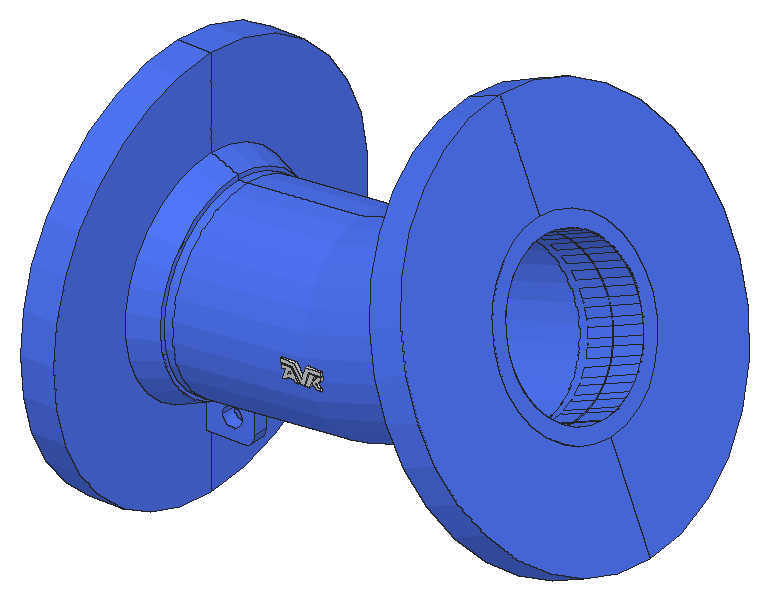
Revit family "712-0220-001-DN80", category Pipe Fittings, Revit 2019
Family settings
  Round Connector Dimension = Use Diameter
  Part Type = Elbow
  Work Plane-Based = No
  Always vertical = Yes
  Cut with Voids When Loaded = No
  Shared = No
Parameters (values of type "DN080_PN10/16")
  Rf_Dia = 42 mm
  RF_Thick = 3 mm
  L_Ref = 80 mm
  L = 130 mm
  ID(Radius) = [Nominal Diameter(DN)] / 2  # 40 mm
  Flange_thickness = 17 mm  # constant formula
  Nominal Diameter(DN) = 80 mm
  FOD = 100 mm
  URL product pages = "https://www.avkvalves.com/P.aspx?no=712004002201"
  Description_ = "AVK FLANGED BEND 22.5° W/LOOSE FLANGES"
  DN080_PN10/16 = "712-0080-02-201"
  DN040_ PN10/16 = yes
  Body_wallthickness = 15 mm + [Nominal Diameter(DN)]  # 95 mm
  A = 22.50°  # constant formula
Reference planes
  plane 1 "Center (Front/Back)": y = 0
  plane 2: z = 0
  plane 3 "Center (Left/Right)": x = 0
  plane 4: x = 105
  plane 5: through (100.897, -1524, 9.905) normal (0.9239, 0, 0.3827)
  plane 6: through (197.904, -1524, 50.087) normal (0.9239, 0, 0.3827)
  plane 7: through (105, -1524, 0) normal (-0.3827, 0, 0.9239)
  plane 8: z = -70
  plane 9: x = 42
  plane 10: z = -64
  plane 11: x = 36
Forms (mm)
  Sweep 1, solid, material "Plastic"
    path origin (0, 0, 0) x (1, 0, 0) y (0, 0, -1)
      loop
        line (0, 0) -> (35.381, 0)
        arc (35.381, 0) -> (103.662, -6.725) -> (169.32, -26.642) r 350
        line (169.32, -26.642) -> (202.007, -40.182)
    profile origin (17.69, 0, 0) x (0, 0, 1) y (0, -1, 0)
      loop
        circle (0, 0) r 40
      loop
        circle (0, 0) r 47.5
  Revolve 2, solid, material "Plastic"
    sketch origin (0, 0, 0) x (1, 0, 0) y (0, 0, -1)
      loop
        line (0, 40) -> (17, 40) -> (17, 100) -> (0, 100) -> (0, 40)
      axis (0, 0) -> (17, 0)
    angle from 0 to 360
  Revolve 3, solid, material "Plastic"
    sketch origin (0, 0, 0) x (1, 0, 0) y (0, 0, -1)
      loop
        line (217.315, -3.227) -> (240.276, 52.206) -> (224.57, 58.712) -> (201.609, 3.279) -> (217.315, -3.227)
      axis (186.301, -33.676) -> (202.007, -40.182)
    angle from 0 to 360
  Revolve 4, solid, material "Plastic"
    sketch origin (0, 0, 0) x (1, 0, 0) y (0, 0, -1)
      loop
        line (17, 40) -> (30.858, 40) -> (30.858, 49.26) -> (17, 55) -> (17, 40)
      axis (17, 0) -> (30.858, 0)
    angle from 0 to 360
  Revolve 5, solid, material "Plastic"
    sketch origin (0, 0, 0) x (1, 0, 0) y (0, 0, -1)
      loop
        line (201.609, 3.279) -> (207.349, 17.137) -> (192.349, 17.137) -> (188.805, 8.582) -> (201.609, 3.279)
      axis (173.498, -28.373) -> (186.301, -33.676)
    angle from 0 to 360
  Extrusion 6, solid, material "Plastic"
    sketch origin (0, 0, 0) x (1, 0, 0) y (0, 0, 1)
      loop
        line (17, -40) -> (17, -70) -> (36, -70)
        arc (36, -70) -> (40.243, -68.243) -> (42, -64) r 6
        line (42, -64) -> (42, -40) -> (17, -40)
      loop
        circle (30.783, -59.399) r 5
    from -3.355 to 3.355
Dimensions and locks
  locked: plane 4 to plane 3 "Center (Left/Right)" at 105
  locked: plane 5 to plane 6 at 105
  "Flange_thickness": Revolve 2 sketch curve to plane 3 "Center (Left/Right)"
  "ID(Radius)": Revolve 3 sketch curve to plane 7
  "FOD": Revolve 3 sketch curve to plane 7
  "Flange_thickness": Revolve 3 sketch curve to Revolve 3 sketch curve
  locked: Revolve 2 to Revolve 4 sketch curve at 13.858
  "ID(Radius)": Revolve 5 sketch curve to plane 7
  locked: Revolve 5 sketch curve to plane 7 at 55
  locked: Revolve 5 sketch curve to plane 7 at 49.26
  locked: Revolve 5 sketch curve to Revolve 3 at 13.858
  equal spacing: Extrusion 6, plane 1 "Center (Front/Back)", Extrusion 6
  locked: Extrusion 6 to Extrusion 6 at 6.71
  "ID(Radius)": radius of Sweep 1 sketch curve
  "Body_wallthickness": diameter of Sweep 1 sketch curve
  "A": angle plane 4 to plane 5
  locked: plane 3 "Center (Left/Right)" to Sweep 1 (angle 22.50°)
  aligned and locked: level to plane 2
  aligned and locked: Sweep 1 sketch curve to plane 3 "Center (Left/Right)"
  aligned and locked: plane 6 to Sweep 1 sketch curve
  aligned and locked: Revolve 2 sketch curve to Sweep 1  (x2)
  aligned and locked: Revolve 3 sketch curve to Sweep 1
  aligned and locked: plane 7 to Revolve 3 sketch curve
  aligned and locked: Revolve 4 sketch curve to Revolve 2  (x2)
  aligned and locked: Revolve 5 sketch curve to Revolve 3
  aligned and locked: plane 7 to Revolve 5 sketch curve
  aligned and locked: Revolve 2 to Extrusion 6 sketch curve
  aligned and locked: plane 8 to Extrusion 6 sketch curve
  aligned and locked: plane 9 to Extrusion 6 sketch curve
Automatic sketch dimensions
  Sweep 1 sketch curve to plane 7 = 0 mm  (x2)
  Sweep 1 sketch curve to plane 3 "Center (Left/Right)" = 35.381 mm
  Sweep 1 sketch curve to Sweep 1 sketch curve = 32.687 mm
  Sweep 1 sketch curve to Sweep 1 sketch curve = 323.358 mm
  Revolve 4 sketch curve to Revolve 4 sketch curve = 9.26 mm
  Revolve 4 sketch curve to Revolve 4 sketch curve = 15 mm
  Revolve 4 sketch curve to Revolve 4 sketch curve = 13.858 mm
  Revolve 4 sketch curve to Revolve 4 sketch curve = 40 mm
  level to Revolve 4 sketch curve = 40 mm
  Extrusion 6 sketch curve to Extrusion 6 sketch curve = 5.217 mm
  Extrusion 6 sketch curve to Extrusion 6 sketch curve = 11.217 mm
  Extrusion 6 sketch curve to Extrusion 6 sketch curve = 4.601 mm
  Extrusion 6 sketch curve to Extrusion 6 sketch curve = 19.399 mm
  Sweep 1 sketch curve to Sweep 1 sketch curve = 0 mm  (x2)
  Sweep 1 sketch curve to plane 1 "Center (Front/Back)" = 0 mm
  profile plane to Sweep 1 sketch curve = 0 mm
  Revolve 2 sketch curve to level = 0 mm
  level to Revolve 2 sketch curve = 40 mm
  Revolve 2 sketch curve to Revolve 2 sketch curve = 60 mm
  Revolve 2 sketch curve to plane 3 "Center (Left/Right)" = 17 mm
  Revolve 3 sketch curve to plane 6 = 0 mm
  Revolve 3 sketch curve to level = 31.763 mm
  Revolve 5 sketch curve to level = 30.286 mm
  Revolve 5 sketch curve to level = 37.94 mm
  radius of Extrusion 6 sketch curve = 5 mm
Nested families
  nested 1: "Latest New" at (102.009, -47.09, 0.062) x (0.9997, 0.0243, 0.0032) z (0.0245, -0.9914, -0.1287), type "Latest New"
Connectors
  piping at (0, 0, 0), diameter 80, driven by "Nominal Diameter(DN)"
    settings: on Revolve 2, index 1, connector inside diameter 609.6 mm, connector length 0 mm, flow factor 0, pipe flow 0.0 L/s, pressure drop 0.0 Pa, fitting loss kfactor 0, connector angle 0.00°, fixture units 0, engagement length 0 mm, angle of deflection 0.00°, flow configuration 0, flow direction 0, fitting loss method 0, system type 7, joint type 0, gender type 0, connector reference index -1, connector utility 0, adjustable connector no, is connector primary yes, connector description ""
  piping at (202.007, 0, 40.182), diameter 80, driven by "Nominal Diameter(DN)"
    settings: on Revolve 3, index 2, connector inside diameter 609.6 mm, connector length 0 mm, flow factor 0, pipe flow 0.0 L/s, pressure drop 0.0 Pa, fitting loss kfactor 0, connector angle 0.00°, fixture units 0, engagement length 0 mm, angle of deflection 0.00°, flow configuration 0, flow direction 0, fitting loss method 0, system type 7, joint type 0, gender type 0, connector reference index -1, connector utility 0, adjustable connector no, is connector primary no, connector description ""
Definition of nested family "Latest New"
  Parameters
    Default Elevation = 1219.2 mm
  Reference planes
    plane 1 "Center (Front/Back)": y = 0
    plane 2: z = 0
    plane 3 "Center (Left/Right)": x = 0
  Forms (mm)
    Extrusion 1, solid
      sketch origin (0, 0, 0) x (1, 0, 0) y (0, 1, 0)
        loop
          line (-1219.2, 1219.2) -> (-1219.2, -1219.2) -> (1219.2, -1219.2) -> (1219.2, 1219.2) -> (-1219.2, 1219.2)
      from 0 to -304.8
    Extrusion 2, solid
      sketch origin (0, 0, 0) x (1, 0, 0) y (0, 1, 0)
        loop
          line (-2.683, 9.413) -> (-9.884, 9.413) -> (-9.884, 7.46) -> (-4.022, 7.46) -> (-0.985, 0) -> (0.985, 0) -> (4.022, 7.46) -> (9.884, 7.46) -> (9.884, 9.413) -> (2.683, 9.413) -> (0, 2.824) -> (-2.683, 9.413)
        loop
          line (-4.528, 6.707) -> (-9.884, 6.707) -> (-9.884, 4.824) -> (-8.032, 4.824) -> (-9.884, 0) -> (-7.792, 0) -> (-7.394, 1.035) -> (-4.328, 1.035) -> (-3.907, 0) -> (-1.798, 0) -> (-4.528, 6.707)
        loop
          line (-6.91, 2.824) -> (-5.056, 2.824) -> (-6.01, 5.167) -> (-6.91, 2.824)
        loop
          line (1.798, 0) -> (3.907, 0) -> (4.98, 2.637) -> (6.968, 0) -> (9.413, 0) -> (7.166, 2.983)
          arc (7.166, 2.983) -> (8.216, 3.774) -> (9.007, 4.824) r 4.724
          line (9.007, 4.824) -> (9.884, 4.824) -> (9.884, 6.707) -> (8.001, 6.707)
          arc (8.001, 6.707) -> (7.315, 5.008) -> (5.642, 4.261) r 2.448
          line (5.642, 4.261) -> (6.637, 6.707) -> (4.528, 6.707) -> (1.798, 0)
      from 0 to 1
  Dimensions and locks
    aligned and locked: plane 2 to Extrusion 1
    aligned and locked: level to Extrusion 1
    aligned and locked: Extrusion 2 sketch curve to import instance  (x30)
